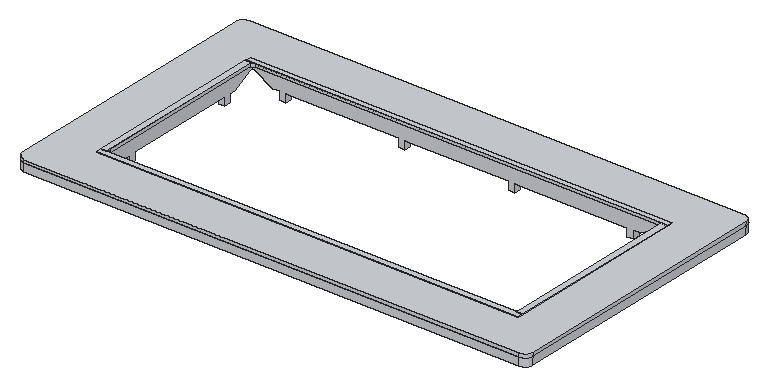
Revit family "Gira_1002255", category Electrical Fixtures, host Face, Revit 2017
Family settings
  Host = Face
  Maintain Annotation Orientation = No
  Round Connector Dimension = Use Diameter
  Part Type = Normal
  Cut with Voids When Loaded = No
  Shared = No
  Room Calculation Point = No
Parameters (values of type "Cov.fr. 2-g w/o cb flat Gira E2 c.alum.")
  With mounting grid = "No"
  With hinged lid = "No"
  URL = "http://katalog.gira.de/en/datenblatt.html?artikelnr=1002255"
  Type of fastening = "Clamp mounting"
  Transparent = "No"
  Surface protection = "Other"
  Suitable for wall duct = "No"
  Suitable for flush-mounted installation = "Yes"
  Suitable for floor box = "No"
  Suitable for built-in installation = "No"
  Number of units vertical = "2"
  Number of units horizontal = "2"
  Number of units = "2"
  Name = "Cov.fr. 2-g w/o cb flat Gira E2 c.alum."
  Mounting direction = "Horizontal and vertical"
  Material quality = "Thermoplastic"
  Material = "Plastic"
  Manufacturer URL = "https://www.gira.de/"
  Manufacturer = "Gira"
  Label space/information surface = "No"
  Keynote = "E2flach_Rahmen_2fach o.Mittelsteg"
  HeinzeBIM = "https://bimportal.heinze.de/bim/cov-fr-2-g-w-o-cb-flat-gira-e2-c-alum-/7ddeb6cf50e2b2649ffe1025d69d0527d1dc6083"
  Halogen free = "Yes"
  HAN = "1002255"
  GTIN = "4010337021353"
  Description = "Cov.fr.2g w o cb flat E2 CAl,Gira E2 cover frame for flat installation,colour aluminium,2-gang without crossbar,"
  Degree of protection (IP) = "IP20"
  Default Elevation = 1219.2 mm
  Data sheet (1) = "https://katalog.gira.de/en/download.html?artikelnr=1002255"
  Colour = "Aluminium"
  Category = "Cover frame for domestic switching devices"
  BIM (1) = "https://media.stage.bim.site/public/gira/36a6b08/E2flach_Rahmen_2fach o.Mittelsteg.rfa?public/gira/36a6b08/E2flach_Rahmen_2fach o.Mittelsteg.rfa"
  Available = "No"
Reference planes
  plane 1 "Center (Front/Back)": y = 0
  plane 2: z = 0
  plane 3 "Center (Left/Right)": x = 0
Forms (mm)
  Extrusion 1, solid, detail levels fine
    sketch origin (0, 0, 0) x (1, 0, 0) y (0, 1, 0)
      loop
        arc (-77, 43.9) -> (-78.768, 43.168) -> (-79.5, 41.4) r 2.5
        line (-79.5, 41.4) -> (-79.5, -41.4)
        arc (-79.5, -41.4) -> (-78.768, -43.168) -> (-77, -43.9) r 2.5
        line (-77, -43.9) -> (77, -43.9)
        arc (77, -43.9) -> (78.768, -43.168) -> (79.5, -41.4) r 2.5
        line (79.5, -41.4) -> (79.5, 41.4)
        arc (79.5, 41.4) -> (78.768, 43.168) -> (77, 43.9) r 2.5
        line (77, 43.9) -> (-77, 43.9)
      loop
        spline (-63.744, -27.245) -> (-63.736, -27.363) -> (-63.713, -27.478) -> (-63.675, -27.589) -> (-63.623, -27.695) -> (-63.558, -27.792) -> (-63.481, -27.881) -> (-63.392, -27.958) -> (-63.295, -28.023) -> (-63.189, -28.075) -> (-63.078, -28.113) -> (-62.963, -28.136) -> (-62.845, -28.144)
        line (-62.845, -28.144) -> (62.845, -28.144)
        spline (62.845, -28.144) -> (62.963, -28.136) -> (63.078, -28.113) -> (63.189, -28.075) -> (63.295, -28.023) -> (63.392, -27.958) -> (63.481, -27.881) -> (63.558, -27.792) -> (63.623, -27.695) -> (63.675, -27.589) -> (63.713, -27.478) -> (63.736, -27.363) -> (63.744, -27.245)
        line (63.744, -27.245) -> (63.744, 27.245)
        spline (63.744, 27.245) -> (63.736, 27.363) -> (63.713, 27.478) -> (63.675, 27.589) -> (63.623, 27.695) -> (63.558, 27.792) -> (63.481, 27.881) -> (63.392, 27.958) -> (63.295, 28.023) -> (63.189, 28.075) -> (63.078, 28.113) -> (62.963, 28.136) -> (62.845, 28.144)
        line (62.845, 28.144) -> (-62.845, 28.144)
        spline (-62.845, 28.144) -> (-62.963, 28.136) -> (-63.078, 28.113) -> (-63.189, 28.075) -> (-63.295, 28.023) -> (-63.392, 27.958) -> (-63.481, 27.881) -> (-63.558, 27.792) -> (-63.623, 27.695) -> (-63.675, 27.589) -> (-63.713, 27.478) -> (-63.736, 27.363) -> (-63.744, 27.245)
        line (-63.744, 27.245) -> (-63.744, -27.245)
    from 2.5 to 3.4
  Extrusion 2, solid, detail levels fine
    sketch origin (0, 0, 0) x (1, 0, 0) y (0, 1, 0)
      loop
        arc (-77, 43.9) -> (-78.768, 43.168) -> (-79.5, 41.4) r 2.5
        line (-79.5, 41.4) -> (-79.5, -41.4)
        arc (-79.5, -41.4) -> (-78.768, -43.168) -> (-77, -43.9) r 2.5
        line (-77, -43.9) -> (77, -43.9)
        arc (77, -43.9) -> (78.768, -43.168) -> (79.5, -41.4) r 2.5
        line (79.5, -41.4) -> (79.5, 41.4)
        arc (79.5, 41.4) -> (78.768, 43.168) -> (77, 43.9) r 2.5
        line (77, 43.9) -> (-77, 43.9)
      loop
        arc (-77, 43.4) -> (-78.414, 42.814) -> (-79, 41.4) r 2
        line (-79, 41.4) -> (-79, -41.4)
        arc (-79, -41.4) -> (-78.414, -42.814) -> (-77, -43.4) r 2
        line (-77, -43.4) -> (77, -43.4)
        arc (77, -43.4) -> (78.414, -42.814) -> (79, -41.4) r 2
        line (79, -41.4) -> (79, 41.4)
        arc (79, 41.4) -> (78.414, 42.814) -> (77, 43.4) r 2
        line (77, 43.4) -> (-77, 43.4)
    from 0 to 2.5
  Extrusion 3, solid, detail levels fine
    sketch origin (35.6, 0, 0) x (0, -1, 0) y (0, 0, -1)
      loop
        line (-17.5, 4.06) -> (-19.5, 4.06) -> (-19.5, 1.56) -> (-21.654, 1.56) -> (-27.214, -1.65) -> (-28.144, -1.65) -> (-28.144, -3.4) -> (28.144, -3.4) -> (28.144, -1.65) -> (27.214, -1.65) -> (21.654, 1.56) -> (19.5, 1.56) -> (19.5, 4.06) -> (17.5, 4.06) -> (17.5, 1.56) -> (-17.5, 1.56) -> (-17.5, 4.06)
    from 28.144 to 30
  Extrusion 4, solid, detail levels fine
    sketch origin (0, 0, 0) x (1, 0, 0) y (0, 0, -1)
      loop
        line (-53.1, 4.06) -> (-55.1, 4.06) -> (-55.1, 1.56) -> (-57.254, 1.56) -> (-62.814, -1.65) -> (-65.6, -1.65) -> (-65.6, -3.4) -> (65.6, -3.4) -> (65.6, -1.65) -> (62.814, -1.65) -> (57.254, 1.56) -> (55.1, 1.56) -> (55.1, 4.06) -> (53.1, 4.06) -> (53.1, 1.56) -> (18.1, 1.56) -> (18.1, 4.042) -> (16.1, 4.042) -> (16.1, 1.542) -> (-16.1, 1.542) -> (-16.1, 4.042) -> (-18.1, 4.042) -> (-18.1, 1.56) -> (-53.1, 1.56) -> (-53.1, 4.06)
    from 28.144 to 30
  Extrusion 5, solid, detail levels coarse
    sketch origin (0, 0, 0) x (1, 0, 0) y (0, 1, 0)
      loop
        line (-79.5, 43.9) -> (-79.5, -43.9) -> (79.5, -43.9) -> (79.5, 43.9) -> (-79.5, 43.9)
    from -4.06 to 3.4
  Extrusion 6, solid, detail levels medium
    sketch origin (0, 0, 0) x (1, 0, 0) y (0, 1, 0)
      loop
        line (-79.5, 43.9) -> (-79.5, -43.9) -> (79.5, -43.9) -> (79.5, 43.9) -> (-79.5, 43.9)
    from 0 to 3.4
  Extrusion 7, solid, detail levels medium
    sketch origin (0, 0, 0) x (1, 0, 0) y (0, 0, -1)
      loop
        line (-53.1, 4.06) -> (-55.1, 4.06) -> (-55.1, 1.56) -> (-65.6, 1.56) -> (-65.6, -3.4) -> (65.6, -3.4) -> (65.6, 1.56) -> (55.1, 1.56) -> (55.1, 4.06) -> (53.1, 4.06) -> (53.1, 1.56) -> (18.1, 1.56) -> (18.1, 4.06) -> (16.1, 4.06) -> (16.1, 1.542) -> (-16.1, 1.542) -> (-16.1, 4.06) -> (-18.1, 4.06) -> (-18.1, 1.56) -> (-53.1, 1.56) -> (-53.1, 4.06)
    from 28.144 to 30
  Extrusion 8, solid, detail levels medium
    sketch origin (35.6, 0, 0) x (0, -1, 0) y (0, 0, -1)
      loop
        line (-17.5, 4.06) -> (-19.5, 4.06) -> (-19.5, 1.56) -> (-28.144, 1.56) -> (-28.144, -3.4) -> (28.144, -3.4) -> (28.144, 1.56) -> (19.5, 1.56) -> (19.5, 4.06) -> (17.5, 4.06) -> (17.5, 1.56) -> (-17.5, 1.56) -> (-17.5, 4.06)
    from 28.144 to 30
  Extrusion 9, solid, detail levels fine
    sketch origin (0, 0, 0) x (1, 0, 0) y (0, 0, 1)
      loop
        line (-53.1, -4.06) -> (-53.1, -1.56) -> (-18.1, -1.56) -> (-18.1, -4.042) -> (-16.1, -4.042) -> (-16.1, -1.542) -> (16.1, -1.542) -> (16.1, -4.042) -> (18.1, -4.042) -> (18.1, -1.56) -> (53.1, -1.56) -> (53.1, -4.06) -> (55.1, -4.06) -> (55.1, -1.56) -> (57.254, -1.56) -> (62.814, 1.65) -> (65.6, 1.65) -> (65.6, 3.4) -> (-65.6, 3.4) -> (-65.6, 1.65) -> (-62.814, 1.65) -> (-57.254, -1.56) -> (-55.1, -1.56) -> (-55.1, -4.06) -> (-53.1, -4.06)
    from 28.144 to 30
  Extrusion 10, solid, detail levels medium
    sketch origin (0, 0, 0) x (1, 0, 0) y (0, 0, 1)
      loop
        line (-53.1, -4.06) -> (-53.1, -1.56) -> (-18.1, -1.56) -> (-18.1, -4.06) -> (-16.1, -4.06) -> (-16.1, -1.542) -> (16.1, -1.542) -> (16.1, -4.06) -> (18.1, -4.06) -> (18.1, -1.56) -> (53.1, -1.56) -> (53.1, -4.06) -> (55.1, -4.06) -> (55.1, -1.56) -> (65.6, -1.56) -> (65.6, 3.4) -> (-65.6, 3.4) -> (-65.6, -1.56) -> (-55.1, -1.56) -> (-55.1, -4.06) -> (-53.1, -4.06)
    from 28.144 to 30
  Extrusion 11, solid, detail levels fine
    sketch origin (-35.6, 0, 0) x (0, -1, 0) y (0, 0, 1)
      loop
        line (-17.5, -4.06) -> (-17.5, -1.56) -> (17.5, -1.56) -> (17.5, -4.06) -> (19.5, -4.06) -> (19.5, -1.56) -> (21.654, -1.56) -> (27.214, 1.65) -> (28.144, 1.65) -> (28.144, 3.4) -> (-28.144, 3.4) -> (-28.144, 1.65) -> (-27.214, 1.65) -> (-21.654, -1.56) -> (-19.5, -1.56) -> (-19.5, -4.06) -> (-17.5, -4.06)
    from 28.144 to 30
  Extrusion 12, solid, detail levels medium
    sketch origin (-35.6, 0, 0) x (0, -1, 0) y (0, 0, 1)
      loop
        line (-17.5, -4.06) -> (-17.5, -1.56) -> (17.5, -1.56) -> (17.5, -4.06) -> (19.5, -4.06) -> (19.5, -1.56) -> (28.144, -1.56) -> (28.144, 3.4) -> (-28.144, 3.4) -> (-28.144, -1.56) -> (-19.5, -1.56) -> (-19.5, -4.06) -> (-17.5, -4.06)
    from 28.144 to 30
Dimensions and locks
  aligned and locked: plane 2 to host face
  aligned and locked: level to host face
